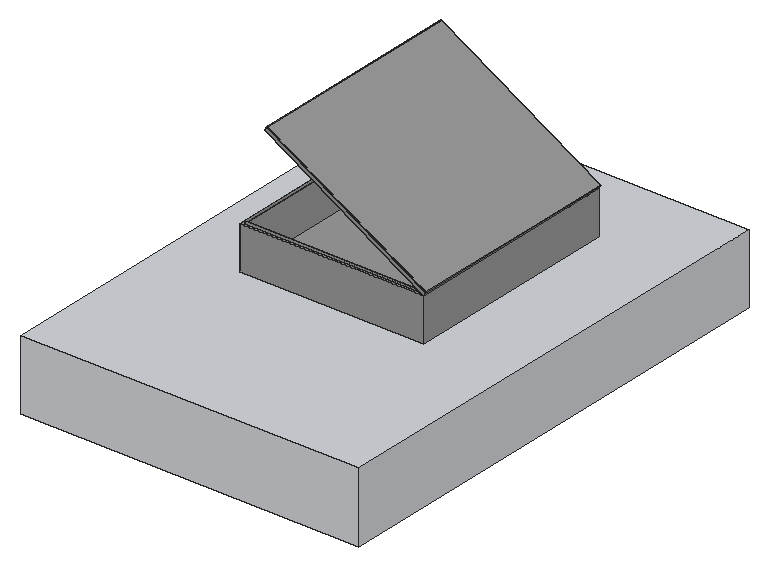
Revit family "Hager-Univers-IP54-D205-H950-Cl.II-Encl-DE-de", category Equipement électrique, Revit 2020
Family settings
  Hôte = Face
  Configuration du panneau = Deux colonnes, circuits au sein
  Cote de connecteur circulaire = Utiliser le diamètre
  Type d'élément = Tableau de raccordement
  Couper avec des vides une fois chargée = Non
  Partagée = Non
  Point de calcul de pièce = Non
Parameters (values of type "Aufputz IP54 B800 H950 T205  - FP63SW2")
  Width Control [instance] = if([EF000008 - Breite] > Min Width, [EF000008 - Breite], Min Width)  # 800 mm
  Commentaires du type = [HG000003 - Bereich]  # "Univers"
  Thickness Door [instance] = if([EF009171 - Materialstärke Tür/Deckel] > 3 mm, 3 mm, [EF009171 - Materialstärke Tür/Deckel])  # 1 mm
  Seal Frame Offset [instance] = 17 mm  # constant formula
  Plinth Visibility [instance] = [HG000027 - Sockelhöhe] > 0 mm  # no
  Model = ""
  Min Width [instance] = 100 mm  # constant formula
  Min Height [instance] = 100 mm  # constant formula
  Min Depth [instance] = (2 * [EF009170 - Materialstärke Gehäuse]) + 1 mm  # 3 mm
  Internal Frame Depth [instance] = (Door System Depth * 0.5)  # 9 mm
  Height Control [instance] = if([EF000040 - Höhe] > Min Height, [EF000040 - Höhe], Min Height)  # 950 mm
  HG000027 - Sockelhöhe = 0 mm
  HG000026 - Stehend auf dem Boden = no
  HG000024 - Höhe des unteren Teils = 800 mm
  HG000023 - Gehäuse mit doppeltem Querschnitt = no
  HG000016 - 3D-Türsichtbarkeit [instance] = yes
  HG000015 - Sichtbarkeit der Türöffnung [instance] = no
  HG000014 - Tür rechts [instance] = yes
  HG000013 - Tür links [instance] = not([HG000014 - Tür rechts])  # no
  HG000012 - Türschwenkwinkel [instance] = 30.00°
  HG000010 - Asymmetrische Türen = no
  HG000009 - Doppelflügeligen Tür = no
  HG000006 - Unterputz = no
  HG000004 - Herstellerreferenz = "FP63SW2"
  HG000003 - Bereich = "Univers"
  HG000002 - Mit tür = yes
  Frame Offset Bottom [instance] = 10 mm  # constant formula
  Frame Offset [instance] = 15 mm  # constant formula
  EF015940 - Deckel mit Überdruckentlastung = no
  EF011959 - Schutzart (NEMA) = ""
  EF009554 - Anzahl der Öffnungen für Flanschplatten = 6
  Fabricant = "Hager"  # constant formula
  EF009212 - Ausführung Deckel = "EV000116 - geschlossen"
  EF009171 - Materialstärke Tür/Deckel = 1 mm
  EF009170 - Materialstärke Gehäuse = 1 mm
  EF008873 - Nennstrom (In) = 250 A
  EF007800 - Geeignet für Blitzschutz = no
  EF006306 - Mit Schloss = no
  EF006244 - Transparenter Deckel/Tür = no
  EF005474 - Schutzart (IP) = "EV006419 - IP54"
  EF004464 - Art der Tür = "EV002646 - Einzel"
  EF004427 - Anzahl der Module = 216
  EF004293 - Schlagfestigkeit = "EV006815 - IK09"
  EF003532 - Geeignet für Außengebrauch = no
  EF002950 - Breite in Teilungseinheiten = 36
  EF001613 - Funktionserhalt = "EV000494 - ohne"
  EF001596 - Werkstoff des Gehäuses = "EV000179 - Stahl"
  EF001131 - Innentiefe = 130 mm
  EF001088 - Anbaumöglichkeit = yes
  EF000437 - Anzahl der Leitungseinführungen = 6
  EF000339 - Art der Abdeckung = "EV004216 - Tür"
  EF000266 - Anzahl der Reihen = 6
  EF000218 - Einbautiefe = 205 mm
  EF000118 - Mit Montageplatte = no
  EF000116 - RAL-Nummer = "9010"
  EF000049 - Tiefe = 205 mm
  EF000040 - Höhe = 950 mm
  EF000008 - Breite = 800 mm
  EF000007 - Farbe = "EV000202 - weiß"
  EF000003 - Montageart = "EV000384 - Aufputz"
  Door System Leaf Tolerance [instance] = 1.5 mm  # constant formula
  Door System Depth [instance] = 18 mm  # constant formula
  Door Height [instance] = Height Control - [HG000027 - Sockelhöhe]  # 950 mm
  Depth Control [instance] = if([EF000049 - Tiefe] > Min Depth, [EF000049 - Tiefe], Min Depth)  # 205 mm
  Default Elevation = 0 mm
  Connector Offset [instance] = Height Control / 2  # 475 mm
  Bottom Top Plate Trim [instance] = 1.5 mm  # constant formula
  Plinth height Ctrl [instance] = if([HG000027 - Sockelhöhe] > 0 mm, [HG000027 - Sockelhöhe], 12 mm)  # 12 mm
Types (5, lengths in mm): name | Width Control | HG000010 - Asymmetrische Türen | HG000009 - Doppelflügeligen Tür | HG000004 - Herstellerreferenz | EF009554 - Anzahl der Öffnungen für Flanschplatten | EF004464 - Art der Tür | EF004427 - Anzahl der Module | EF002950 - Breite in Teilungseinheiten | EF000437 - Anzahl der Leitungseinführungen | EF000008 - Breite
  Aufputz IP54 B1050 H950 T205  - FP64SW2 | 1050 | no | yes | "FP64SW2" | 8 | "EV003602 - Doppel" | 288 | 48 | 8 | 1050
  Aufputz IP54 B1300 H950 T205  - FP65SW2 | 1300 | yes | yes | "FP65SW2" | 10 | "EV003602 - Doppel" | 360 | 60 | 10 | 1300
  Aufputz IP54 B300 H950 T205  - FP61SW2 | 300 | no | no | "FP61SW2" | 2 | "EV002646 - Einzel" | 72 | 12 | 2 | 300
  Aufputz IP54 B550 H950 T205  - FP62SW2 | 550 | no | no | "FP62SW2" | 4 | "EV002646 - Einzel" | 144 | 24 | 4 | 550
  Aufputz IP54 B800 H950 T205  - FP63SW2 | 800 | no | no | "FP63SW2" | 6 | "EV002646 - Einzel" | 216 | 36 | 6 | 800
Reference planes
  plane 1 "Center (Front/Back)": y = 0
  plane 2: z = 0
  plane 3 "Center (Left/Right)": x = 0
  plane 4: z = 205
  plane 5: y = 1
  plane 6: y = 475
  plane 7: y = 0
  plane 8: y = 950
  plane 9: z = 0
  plane 10: x = -385
  plane 11: x = 385
  plane 12: x = 384
  plane 13: x = -384
  plane 14: y = 949
  plane 15: x = -383
  plane 16: x = -400
  plane 17: x = 383
  plane 18: x = 400
  plane 19: x = 399
  plane 20: x = -399
  plane 21: y = 11
  plane 22: y = 950
  plane 23: y = 934
  plane 24: z = 187
  plane 25: z = 1
  plane 26: z = 186
  plane 27: z = 204
Forms (mm)
  Extrusion 1, solid
    sketch origin (0, 0, 0) x (1, 0, 0) y (0, 1, 0)
      loop
        line (-702.964, 1305) -> (-702.964, -811.445) -> (766.763, -811.445) -> (766.763, 1305) -> (-702.964, 1305)
    from 0 to -304.8
  Extrusion 2, solid, material "Hager_Steel_RAL7035_Light_Grey", visible <- "Plinth Visibility", detail levels medium+fine
    sketch origin (0, 0, 0) x (1, 0, 0) y (0, 1, 0)
      loop
        line (-400, 0) -> (400, 0) -> (400, 12) -> (-400, 12) -> (-400, 0)
    from 0 to 187
  Extrusion 3, solid, material "Hager_Steel_RAL7035_Light_Grey", detail levels medium+fine
    sketch origin (0, 0, 0) x (1, 0, 0) y (0, 1, 0)
      loop
        line (-400, 0) -> (400, 0) -> (400, 950) -> (-400, 950) -> (-400, 0)
    from 0 to 187
  Extrusion 4, void
    sketch origin (0, 0, 0) x (1, 0, 0) y (0, 1, 0)
      loop
        line (-399, 1) -> (399, 1) -> (399, 949) -> (-399, 949) -> (-399, 1)
    from 1 to 186
  Extrusion 5, void
    sketch origin (-381.607, -4572, 187) x (0, -1, 0) y (-1, 0, 0)
      loop
        line (-4583, 2.393) -> (-5506, 2.393) -> (-5506, -765.607) -> (-4583, -765.607) -> (-4583, 2.393)
    from 0 to 1 <- "EF009170 - Materialstärke Gehäuse"
  Extrusion 6, solid, material "Hager_Steel_RAL7035_Light_Grey", detail levels fine
    sketch origin (0, 0, 187) x (1, 0, 0) y (0, 1, 0)
      loop
        line (-384, 934) -> (-384, 11) -> (384, 11) -> (384, 934) -> (-384, 934)
      loop
        line (-385, 10) -> (385, 10) -> (385, 935) -> (-385, 935) -> (-385, 10)
    from 0 to 9 <- "Internal Frame Depth"
  Extrusion 7, solid, material "Hager_Steel_RAL7035_Light_Grey", detail levels coarse
    sketch origin (0, 0, 0) x (1, 0, 0) y (0, 1, 0)
      loop
        line (-400, 0) -> (400, 0) -> (400, 950) -> (-400, 950) -> (-400, 0)
    from 0 to 205
  Sweep 8, void
    path in 3D
      loop
        line (-400, 12, 0) -> (400, 12, 0) -> (400, 12, 187) -> (-400, 12, 187) -> (-400, 12, 0)
    profile origin (-400, 12, 93.5) x (-1, 0, 0) y (0, -1, 0)
      loop
        line (0, 0) -> (0, 1.5) -> (-1.5, 1.5)
        arc (-1.5, 1.5) -> (-1.061, 0.439) -> (0, 0) r 1.5
Cuts and joins
  Extrusion 4, Extrusion 5 cuts Extrusion 3
  Sweep 8 cuts Extrusion 2
Lines and regions (mm)
  Masking region 1
    outline origin (0, 0, 0) x (1, 0, 0) y (0, 0, 1)
      loop
        line (-400, 205) -> (-400, 0) -> (400, 0) -> (400, 205) -> (-400, 205)
  Masking region 2, detail levels medium+fine
    outline origin (0, 140, 0) x (0, 1, 0) y (0, 0, 1)
      loop
        line (-140, 0) -> (810, 0) -> (810, 187) -> (-140, 187) -> (-140, 0)
  Masking region 3, not visible, detail levels medium+fine
    outline origin (0, 297.922, 0) x (0, 1, 0) y (0, 0, 1)
      loop
        line (188.578, 0) -> (228.578, 0) -> (228.578, 194)
        arc (228.578, 194) -> (225.649, 201.071) -> (218.578, 204) r 10
        line (218.578, 204) -> (188.578, 204) -> (188.578, 0)
  Masking region 4, detail levels coarse
    outline origin (0, 0, 180) x (0, 1, 0) y (0, 0, 1)
      loop
        line (0, -180) -> (950, -180) -> (950, 25) -> (0, 25) -> (0, -180)
  Masking region 5, visible <- "Plinth Visibility", detail levels medium+fine
    outline origin (0, 52.24, 12.345) x (0, 0, -1) y (0, 1, 0)
      loop
        line (10.845, -40.24) -> (-173.155, -40.24)
        arc (-173.155, -40.24) -> (-173.594, -41.301) -> (-174.655, -41.74) r 1.5
        line (-174.655, -41.74) -> (-174.655, -52.24) -> (12.345, -52.24) -> (12.345, -41.74)
        arc (12.345, -41.74) -> (11.285, -41.301) -> (10.845, -40.24) r 1.5
  Masking region 6, detail levels medium+fine
    outline origin (-381.607, -4572, 187) x (-1, 0, 0) y (0, -1, 0)
      loop
        line (18.393, -5522) -> (18.393, -4572) -> (-781.607, -4572) -> (-781.607, -5522) -> (18.393, -5522)
  Masking region 7, visible <- "Plinth Visibility", detail levels medium+fine
    outline origin (-381.607, -4727, 187) x (-1, 0, 0) y (0, -1, 0)
      loop
        arc (16.893, -4739) -> (17.332, -4737.939) -> (18.393, -4737.5) r 1.5
        line (18.393, -4737.5) -> (18.393, -4727) -> (-781.607, -4727) -> (-781.607, -4737.5)
        arc (-781.607, -4737.5) -> (-780.546, -4737.939) -> (-780.107, -4739) r 1.5
        line (-780.107, -4739) -> (16.893, -4739)
  Masking region 8, detail levels coarse
    outline origin (-442.548, -4669.526, 187) x (-1, 0, 0) y (0, -1, 0)
      loop
        line (-42.548, -5619.526) -> (-42.548, -4669.526) -> (-842.548, -4669.526) -> (-842.548, -5619.526) -> (-42.548, -5619.526)
  sketch lines
    curve 1: line (-400, 12, 187) -> (-400, 12, 0)
    curve 2: line (400, 12, 187) -> (-400, 12, 187)
    curve 3: line (400, 12, 187) -> (400, 12, 0)
    curve 4: line (-400, 12, 0) -> (400, 12, 0)
Dimensions and locks
  "Depth Control": plane 4 to Extrusion 1
  "HG000027 - Sockelhöhe": plane 1 "Center (Front/Back)" to plane 7
  "EF009170 - Materialstärke Gehäuse": plane 5 to plane 7
  locked: connector elem to plane 3 "Center (Left/Right)"
  equal spacing: plane 8, plane 6, plane 7
  locked: connector elem to plane 6
  "EF009170 - Materialstärke Gehäuse": plane 8 to plane 14
  "EF009170 - Materialstärke Gehäuse": plane 10 to plane 13
  "EF009170 - Materialstärke Gehäuse": plane 12 to plane 11
  "Frame Offset": plane 20 to plane 13
  "Frame Offset": plane 12 to plane 19
  "EF009170 - Materialstärke Gehäuse": plane 16 to plane 20
  "EF009170 - Materialstärke Gehäuse": plane 19 to plane 18
  "Seal Frame Offset": plane 16 to plane 15
  "Seal Frame Offset": plane 17 to plane 18
  "Frame Offset Bottom": plane 21 to plane 5
  "Frame Offset": plane 14 to plane 23
  equal spacing: plane 16, plane 3 "Center (Left/Right)", plane 18
  "Width Control": plane 16 to plane 18
  "EF009170 - Materialstärke Gehäuse": plane 4 to plane 27
  "EF009170 - Materialstärke Gehäuse": plane 24 to plane 26
  "EF009170 - Materialstärke Gehäuse": plane 25 to level
  "Door System Depth": plane 4 to plane 24
  "Height Control": plane 1 "Center (Front/Back)" to Extrusion 7 sketch curve
  "Height Control": Masking region 4 sketch curve to plane 1 "Center (Front/Back)"
  "Height Control": plane 1 "Center (Front/Back)" to plane 22
  "Bottom Top Plate Trim": profile plane to Sweep 8 sketch curve
  "Bottom Top Plate Trim": Sweep 8 sketch curve to profile plane
  "Plinth height Ctrl": plane 1 "Center (Front/Back)" to Extrusion 2 sketch curve
  "Plinth height Ctrl": Masking region 5 sketch curve to plane 1 "Center (Front/Back)"
  "Plinth height Ctrl": plane 1 "Center (Front/Back)" to Masking region 7 sketch curve
  "Thickness Door": Extrusion 6 sketch curve to Extrusion 6 sketch curve  (x3)
  "Thickness Door": cut or joined group of Extrusion 3, Extrusion 4, Extrusion 5 to Extrusion 6 sketch curve
  radius of Masking region 3 sketch curve = 10 mm
  "Bottom Top Plate Trim": radius of Masking region 5 sketch curve  (x2)
  "Bottom Top Plate Trim": radius of Sweep 8 sketch curve
  "Bottom Top Plate Trim": radius of Masking region 7 sketch curve  (x2)
  aligned and locked: plane 2 to Extrusion 1
  aligned and locked: level to Extrusion 1
  aligned and locked: level to Masking region 1 sketch curve
  aligned and locked: Masking region 1 sketch curve to plane 18
  aligned and locked: Masking region 1 sketch curve to plane 16
  aligned and locked: plane 7 to Masking region 2 sketch curve
  aligned and locked: level to Masking region 3 sketch curve
  aligned and locked: Masking region 3 sketch curve to plane 27
  aligned and locked: level to Masking region 2 sketch curve
  aligned and locked: plane 1 "Center (Front/Back)" to Extrusion 2 sketch curve
  aligned and locked: Extrusion 3 sketch curve to plane 7
  aligned and locked: plane 16 to Extrusion 3 sketch curve
  aligned and locked: plane 18 to Extrusion 3 sketch curve
  aligned and locked: plane 20 to Extrusion 4 sketch curve
  aligned and locked: plane 19 to Extrusion 4 sketch curve
  aligned and locked: Extrusion 4 sketch curve to plane 5
  aligned and locked: Extrusion 4 to plane 25
  aligned and locked: plane 26 to Extrusion 4
  aligned and locked: plane 24 to Extrusion 3
  aligned and locked: Extrusion 5 sketch curve to plane 21
  aligned and locked: Extrusion 5 sketch curve to plane 13
  aligned and locked: Extrusion 5 sketch curve to plane 12
  aligned and locked: plane 18 to Extrusion 7 sketch curve
  aligned and locked: plane 1 "Center (Front/Back)" to Extrusion 7 sketch curve
  aligned and locked: plane 16 to Extrusion 7 sketch curve
  aligned and locked: plane 4 to Extrusion 7
  aligned and locked: Extrusion 7 to level
  aligned and locked: level to Masking region 4 sketch curve
  aligned and locked: Masking region 4 sketch curve to plane 1 "Center (Front/Back)"
  aligned and locked: Masking region 4 sketch curve to plane 4
  aligned and locked: nested 1 to level
  aligned and locked: nested 1 to plane 16
  aligned and locked: plane 8 to Extrusion 3 sketch curve
  aligned and locked: plane 23 to Extrusion 5 sketch curve
  aligned and locked: plane 14 to Extrusion 4 sketch curve
  aligned and locked: Masking region 2 sketch curve to plane 8
  aligned and locked: level to Masking region 5 sketch curve
  aligned and locked: plane 16 to Extrusion 2 sketch curve
  aligned and locked: plane 18 to Extrusion 2 sketch curve
  aligned and locked: Masking region 5 sketch curve to plane 24
  aligned and locked: Masking region 2 sketch curve to plane 24
  aligned and locked: plane 24 to Extrusion 2
  aligned and locked: profile plane to Sweep 8 sketch curve  (x2)
  aligned and locked: Masking region 6 sketch curve to plane 18
  aligned and locked: Masking region 6 sketch curve to plane 22
  aligned and locked: Masking region 6 sketch curve to plane 16
  aligned and locked: plane 8 to plane 22
  aligned and locked: Masking region 6 sketch curve to plane 7
  aligned and locked: Masking region 7 sketch curve to plane 16
  aligned and locked: Masking region 7 sketch curve to plane 1 "Center (Front/Back)"
  aligned and locked: Masking region 7 sketch curve to plane 18
  aligned and locked: Masking region 8 sketch curve to plane 1 "Center (Front/Back)"
  aligned and locked: Masking region 8 sketch curve to plane 18
  aligned and locked: Masking region 8 sketch curve to plane 22
  aligned and locked: Masking region 8 sketch curve to plane 16
  aligned and locked: nested 2 to plane 7
  aligned and locked: plane 3 "Center (Left/Right)" to nested 2
  aligned and locked: nested 2 to plane 24
  aligned and locked: Extrusion 6 sketch curve to cut or joined group of Extrusion 3, Extrusion 4, Extrusion 5  (x4)
Automatic sketch dimensions
  Extrusion 1 sketch curve to Extrusion 1 sketch curve = 1469.727 mm
  Extrusion 1 sketch curve to Extrusion 1 sketch curve = 2116.445 mm
  Masking region 1 sketch curve to plane 4 = 0 mm
  plane 6 to Masking region 3 sketch curve = 11.5 mm
  Masking region 3 sketch curve to Masking region 3 sketch curve = 30 mm
  Masking region 5 sketch curve to plane 1 "Center (Front/Back)" = 0 mm
Nested families
  nested 1: "Hager_Enclosure_Symbol" at (-400, 0, 0) x (1, 0, 0) z (0, -1, 0), Height <- "Depth Control", Width <- "Width Control", type "Hager_Enclosure_Symbol"
    with Width_Ctrl 800 mm, Width 800 mm, Height_Ctrl 205 mm, Height 205 mm, A_Width_Int 13.453 mm, A_Width 161.438 mm, A_Height_Ctrl 179.375 mm, A_Height 179.375 mm
  nested 2: "EC000058_Univers_Door" at (0, 0, 187) x (1, 0, 0) z (0, 1, 0), Leaf_Tolerance <- "Door System Leaf Tolerance", Angle <- "HG000012 - Türschwenkwinkel", Door_Depth <- "Door System Depth", Door_Left <- "HG000013 - Tür links", Transparent <- "EF006244 - Transparenter Deckel/Tür", Assymetrical <- "HG000010 - Asymmetrische Türen", Width <- "Width Control", Clearance <- "HG000015 - Sichtbarkeit der Türöffnung", Double <- "HG000009 - Doppelflügeligen Tür", 3d_Door <- "HG000016 - 3D-Türsichtbarkeit", Lock_Visibility <- "EF006306 - Mit Schloss", Width_Ctrl <- "Width Control", Door_Right <- "HG000014 - Tür rechts", Door <- "HG000002 - Mit tür", Height <- "Door Height", Thickness <- "Thickness Door", type "EC000058_Univers_Door", detail levels medium+fine
    with min_wh 3 mm, Width_Ctrl 800 mm, Width 800 mm, Transparent no, Thickness 1 mm, Seal_Material Hager_Rubber, Lock_Visibility no, Lock_Material Hager_Plastic_RAL9005_Jet_Black, Leaf_Width 800 mm, Leaf_Tolerance_External_Sides 0 mm, Leaf_Tolerance 1.5 mm, Leaf_Offset 0 mm, Leaf_Height 947 mm, Leaf_2_Width 800 mm, Leaf_2_Offset 400 mm, Leaf_1_Width 800 mm, Leaf_1_Offset 400 mm, Height_Ctrl 950 mm, Height 950 mm, Glass_Material Hager_Glass, Double_Clearance_Ctrl no, Double no, Door_Right_Ctrl yes, Door_Right yes, Door_Material Hager_Steel_RAL7035_Light_Grey, Door_Left_Ctrl no, Door_Left no, Door_Depth 18 mm, Door yes, Clearance_Material Hager_Clearance, Clearance_Depth 800 mm, Clearance_Ctrl no, Clearance no, Assymetrical no, Angle 30.00°, 3d_Door yes
Connectors
  electrical at (0, 475, 0)
    settings: on plane 9, index 1, voltage 0 V, apparent load 0 VA, apparent load phase1 0 VA, apparent load phase2 0 VA, apparent load phase3 0 VA, power factor 1, load classification "Other", number of poles 1, system type 30, power factor state 1, is connector primary yes, connector utility no, sub classification motor no, connector description ""
Definition of nested family "EC000058_Univers_Door"
  Parameters (values of type "EC000058_Univers_Door")
    min_wh [instance] = (2 * Thickness) + 1 mm  # 11 mm
    Width_Ctrl [instance] = 400 mm
    Width [instance] = 500 mm
    Transparent [instance] = yes
    Thickness [instance] = 5 mm
    Seal_Material [instance] = none
    Lock_Visibility [instance] = yes
    Lock_Material [instance] = none
    Leaf_Width [instance] = if((Width_Ctrl - 2 * Leaf_Tolerance_External_Sides) > 0 mm, (Width_Ctrl - 2 * Leaf_Tolerance_External_Sides), min_wh)  # 400 mm
    Leaf_Tolerance_External_Sides [instance] = 0 mm  # constant formula
    Leaf_Tolerance [instance] = 1.5 mm
    Leaf_Offset [instance] = 0 mm  # constant formula
    Leaf_Height [instance] = if((Height_Ctrl - 2 * Leaf_Tolerance) > 0 mm, (Height_Ctrl - 2 * Leaf_Tolerance), min_wh)  # 497 mm
    Leaf_2_Width [instance] = if(and(and(Double, Assymetrical), Door_Left), (Leaf_Width / 3) - (Leaf_Tolerance / 2), if(and(and(Double, Assymetrical), Door_Right), (Leaf_Width / 3) * 2 - (Leaf_Tolerance / 2), if(and(Double, not(Assymetrical)), (Leaf_Width / 2) - Leaf_Tolerance, Leaf_Width)))  # 400 mm
    Leaf_2_Offset [instance] = if(and(Double, Assymetrical), Leaf_2_Width / 2, if(and(Double, not(Assymetrical)), Leaf_Width / 4, Leaf_Width / 2))  # 200 mm
    Leaf_1_Width [instance] = if(and(and(Double, Assymetrical), Door_Right), (Leaf_Width / 3) - (Leaf_Tolerance / 2), if(and(and(Double, Assymetrical), Door_Left), (Width / 3) * 2 - (Leaf_Tolerance / 2), if(and(Double, not(Assymetrical)), (Leaf_Width / 2) - Leaf_Tolerance, Leaf_Width)))  # 400 mm
    Leaf_1_Offset [instance] = if(and(Double, Assymetrical), Leaf_1_Width / 2, if(and(Double, not(Assymetrical)), Leaf_Width / 4, Leaf_Width / 2))  # 200 mm
    Height_Ctrl [instance] = if(Height > min_wh, Height, min_wh)  # 500 mm
    Height [instance] = 500 mm
    Glass_Material [instance] = none
    Double_Clearance_Ctrl [instance] = and(Double, Clearance)  # no
    Double [instance] = no
    Door_Right_Ctrl [instance] = and(or(Door_Right, Double), Door)  # yes
    Door_Right [instance] = yes
    Door_Material [instance] = none
    Door_Left_Ctrl [instance] = and(or(Door_Left, Double), Door)  # no
    Door_Left [instance] = no
    Door_Depth [instance] = 30 mm
    Door [instance] = yes
    Default Elevation = 1219.2 mm
    Clearance_Material [instance] = none
    Clearance_Depth [instance] = if(Leaf_1_Width > Leaf_2_Width, Leaf_1_Width, Leaf_2_Width)  # 400 mm
    Clearance_Ctrl [instance] = and(not(Double), Clearance)  # yes
    Clearance [instance] = yes
    Assymetrical [instance] = yes
    Angle [instance] = 30.00°
    3d_Door [instance] = yes
  Reference planes
    plane 1 "Center (Front/Back)": y = 0
    plane 2 "Bottom": z = 0
    plane 3 "Center (Left/Right)": x = 0
    plane 4: z = 500
    plane 5: x = -200
    plane 6: x = 200
    plane 7: z = 500
    plane 8: x = -200
    plane 9: z = 0
    plane 10: x = 200
    plane 11: y = 0
    plane 12: z = 1.5
    plane 13: x = -600
    plane 14: y = -400
    plane 15: x = 600
    plane 16: x = 0
    plane 17: x = 0
    plane 18: x = -200
    plane 19: x = 200
    plane 20: z = 498.5
  Forms (mm)
    Extrusion 1, solid, material <- "Clearance_Material", visible <- "Double_Clearance_Ctrl"
      sketch origin (1200, 0, 0) x (1, 0, 0) y (0, 0, -1)
        loop
          line (-1800, -498.5) -> (-600, -498.5) -> (-600, 0) -> (-1800, 0) -> (-1800, -498.5)
      from 0 to -400
  Dimensions and locks
    equal spacing: plane 5, plane 3 "Center (Left/Right)", plane 6
    "Width_Ctrl": plane 5 to plane 6
    "Leaf_Offset": plane 5 to plane 8
    "Leaf_Offset": plane 6 to plane 10
    "Leaf_Offset": plane 9 to level
    "Leaf_Offset": plane 4 to plane 7
    "Height_Ctrl": plane 4 to level
    "Leaf_Tolerance": plane 12 to plane 9
    locked: plane 11 to plane 1 "Center (Front/Back)"
    "Leaf_1_Offset": plane 18 to plane 16
    "Leaf_2_Offset": plane 17 to plane 19
    "Leaf_1_Width": plane 13 to plane 8
    "Leaf_2_Width": plane 10 to plane 15
    "Clearance_Depth": plane 14 to plane 1 "Center (Front/Back)"
    "Leaf_Tolerance_External_Sides": plane 8 to plane 18
    "Leaf_Tolerance_External_Sides": plane 19 to plane 10
    "Leaf_Tolerance": plane 7 to plane 20
    aligned and locked: level to plane 2 "Bottom"
    aligned and locked: nested 1 to plane 16
    aligned and locked: nested 2 to plane 17
    aligned and locked: Extrusion 1 to plane 13
    aligned and locked: plane 15 to Extrusion 1
    aligned and locked: Extrusion 1 to plane 14
    aligned and locked: plane 12 to nested 1
    aligned and locked: nested 2 to plane 12
    aligned and locked: Extrusion 1 to plane 11
    aligned and locked: plane 20 to Extrusion 1
    aligned and locked: nested 2 to plane 11
    aligned and locked: nested 1 to plane 11
  Automatic sketch dimensions
    Extrusion 1 sketch curve to level = 0 mm
    plane 5 to Extrusion 1 sketch curve = 400 mm
    plane 6 to Extrusion 1 sketch curve = 400 mm
    Extrusion 1 sketch curve to plane 4 = 1.5 mm
  Nested families
    nested 1: "EC000058_Univers_Door_Leaf" at (0, 0, 1.5), Width <- "Leaf_1_Width", visible <- "Door_Left_Ctrl", Leaf_Height <- "Leaf_Height", Angle <- "Angle", 3d_Door <- "3d_Door", Transparent <- "Transparent", Clearance Material <- "Clearance_Material", Clearance <- "Clearance_Ctrl", Door_Material <- "Door_Material", Glass_Material <- "Glass_Material", Door_Depth <- "Door_Depth", Lock_Material <- "Lock_Material", Seal_Material <- "Seal_Material", Lock_Visibility <- "Lock_Visibility", Thickness <- "Thickness", type "EC000058_Univers_Door_Leaf"
      with Width 400 mm, Transparent_Glass_Offset 30 mm, Transparent_Ctrl yes, Transparent yes, Thickness 5 mm, Standard no, Seal_Material none, Seal_D2 8 mm, Seal_D1 1 mm, Offset_Internal_Frame 10 mm, Lock_Width 20 mm, Lock_Visibility_3d yes, Lock_Visibility yes, Lock_Thickness_3 3 mm, Lock_Thickness_2 1 mm, Lock_Thickness_1 3 mm, Lock_Radius_Offset_2 16 mm, Lock_Radius_Offset_1 15 mm, Lock_Radius_2 5 mm, Lock_Radius 6 mm, Lock_Offset 5 mm, Lock_Material none, Lock_Height 80 mm, Lock_Cover_Top_Offset_2d 17 mm, Lock_Cover_Height -65 mm, Leaf_Height 497 mm, Internal_Seal_Thickness 8 mm, Internal_Seal_Depth_2 4.5 mm, Internal_Frame_Depth 25 mm, Glass_Thickness -1 mm, Glass_Offset -2 mm, Glass_Material none, Door_Material none, Door_Depth 30 mm, Clearance Material none, Clearance yes, Angle_Ctrl 30.00°, Angle 30.00°, 3d_Door yes
    nested 2: "EC000058_Univers_Door_Leaf" at (0, 0, 1.5) x (-1, 0, 0) z (0, 0, 1), Width <- "Leaf_2_Width", visible <- "Door_Right_Ctrl", Leaf_Height <- "Leaf_Height", Angle <- "Angle", 3d_Door <- "3d_Door", Transparent <- "Transparent", Clearance Material <- "Clearance_Material", Clearance <- "Clearance_Ctrl", Door_Material <- "Door_Material", Glass_Material <- "Glass_Material", Door_Depth <- "Door_Depth", Lock_Material <- "Lock_Material", Seal_Material <- "Seal_Material", Lock_Visibility <- "Lock_Visibility", Thickness <- "Thickness", type "EC000058_Univers_Door_Leaf"
      with Width 400 mm, Transparent_Glass_Offset 30 mm, Transparent_Ctrl yes, Transparent yes, Thickness 5 mm, Standard no, Seal_Material none, Seal_D2 8 mm, Seal_D1 1 mm, Offset_Internal_Frame 10 mm, Lock_Width 20 mm, Lock_Visibility_3d yes, Lock_Visibility yes, Lock_Thickness_3 3 mm, Lock_Thickness_2 1 mm, Lock_Thickness_1 3 mm, Lock_Radius_Offset_2 16 mm, Lock_Radius_Offset_1 15 mm, Lock_Radius_2 5 mm, Lock_Radius 6 mm, Lock_Offset 5 mm, Lock_Material none, Lock_Height 80 mm, Lock_Cover_Top_Offset_2d 17 mm, Lock_Cover_Height -65 mm, Leaf_Height 497 mm, Internal_Seal_Thickness 8 mm, Internal_Seal_Depth_2 4.5 mm, Internal_Frame_Depth 25 mm, Glass_Thickness -1 mm, Glass_Offset -2 mm, Glass_Material none, Door_Material none, Door_Depth 30 mm, Clearance Material none, Clearance yes, Angle_Ctrl 30.00°, Angle 30.00°, 3d_Door yes
  Definition of nested family "EC000058_Univers_Door_Leaf"
    Parameters (values of type "EC000058_Univers_Door_Leaf")
      Width [instance] = 2000 mm
      Transparent_Glass_Offset [instance] = 30 mm
      Transparent_Ctrl [instance] = and(Transparent, [3d_Door])  # yes
      Transparent [instance] = yes
      Thickness [instance] = 5 mm
      Standard [instance] = and(not(Transparent), [3d_Door])  # no
      Seal_Material [instance] = none
      Seal_D2 [instance] = 8 mm  # constant formula
      Seal_D1 [instance] = 1 mm  # constant formula
      Offset_Internal_Frame [instance] = 10 mm  # constant formula
      Lock_Width [instance] = 20 mm  # constant formula
      Lock_Visibility_3d [instance] = and(Lock_Visibility, [3d_Door])  # yes
      Lock_Visibility [instance] = yes
      Lock_Thickness_3 [instance] = 3 mm  # constant formula
      Lock_Thickness_2 [instance] = 1 mm  # constant formula
      Lock_Thickness_1 [instance] = 3 mm  # constant formula
      Lock_Radius_Offset_2 [instance] = Lock_Radius_Offset_1 + 1 mm  # 16 mm
      Lock_Radius_Offset_1 [instance] = 15 mm  # constant formula
      Lock_Radius_2 [instance] = Lock_Radius - 1 mm  # 5 mm
      Lock_Radius [instance] = 6 mm  # constant formula
      Lock_Offset [instance] = 5 mm  # constant formula
      Lock_Material [instance] = none
      Lock_Height [instance] = 80 mm  # constant formula
      Lock_Cover_Top_Offset_2d [instance] = Lock_Radius_Offset_2 + 1 mm  # 17 mm
      Lock_Cover_Height [instance] = -(Lock_Height - Lock_Radius_Offset_1)  # -65 mm
      Leaf_Height [instance] = 2720.336 mm
      Internal_Seal_Thickness [instance] = 8 mm  # constant formula
      Internal_Seal_Depth_2 [instance] = 4.5 mm  # constant formula
      Internal_Frame_Depth [instance] = if(Door_Depth - Thickness > 5 mm, Door_Depth - Thickness, 5 mm)  # 25 mm
      Glass_Thickness [instance] = if(Thickness > 15 mm, Glass_Offset + 10 mm, -1 mm)  # -1 mm
      Glass_Offset [instance] = if(Thickness > 15 mm, -(Thickness + 10 mm) / 2, -2 mm)  # -2 mm
      Glass_Material [instance] = none
      Door_Material [instance] = none
      Door_Depth [instance] = 30 mm
      Default Elevation = 0 mm
      Clearance Material [instance] = none
      Clearance [instance] = yes
      Angle_Ctrl [instance] = if(Angle > 180.00°, 180.00°, Angle)  # 90.00°
      Angle [instance] = 90.00°
      3d_Door [instance] = yes
    Reference planes
      plane 1 "Center (Front/Back)": y = 0
      plane 2: z = 0
      plane 3 "Center (Left/Right)": x = 0
      plane 4: y = 2000
      plane 5: x = -1000
      plane 6: x = 1000
      plane 7: x = -3000
      plane 8: z = 2720.336
      plane 9: z = 30
      plane 10: z = 2690.336
      plane 11: x = 970
      plane 12: x = -970
      plane 13: y = -3
      plane 14: z = 107.833
      plane 15: y = -5
      plane 16: y = -223.314
      plane 17: x = -1000
      plane 18: z = 1360.168
      plane 19: y = 30
    Forms (mm)
      Extrusion 1, solid, material <- "Clearance Material", visible <- "Clearance"
        sketch origin (0, 0, 0) x (1, 0, 0) y (0, 0, 1)
          loop
            line (-3000, 2720.336) -> (-3000, 0) -> (1000, 0) -> (1000, 2720.336) -> (-3000, 2720.336)
        from 0 to -2000
      Extrusion 2, solid, material <- "Door_Material", visible <- "Standard", detail levels medium+fine
        sketch origin (-1000, 0, 0) x (0, 1, 0) y (-1, 0, 0)
          loop
            line (0, 30) -> (0, 25) -> (2000, 25) -> (2000, 30) -> (0, 30)
        from 0 to 2720.336 <- "Leaf_Height"
      Extrusion 3, solid, material <- "Door_Material", visible <- "Transparent_Ctrl", detail levels medium+fine
        sketch origin (-1000, 0, 0) x (0, 1, 0) y (-1, 0, 0)
          loop
            line (0, 25) -> (2000, 25) -> (2000, 30) -> (0, 30) -> (0, 25)
        from 0 to 2720.336 <- "Leaf_Height"
      Extrusion 4, void
        sketch origin (-1025, 2000, 0) x (0, 1, 0) y (0, 0, -1)
          loop
            line (-30, -2690.336) -> (-30, -30) -> (-1970, -30) -> (-1970, -2690.336) -> (-30, -2690.336)
        from 0 to 5 <- "Thickness"
      Sweep 5, solid, material <- "Seal_Material", visible <- "Transparent_Ctrl", detail levels fine
        path in 3D
          loop
            line (-1025, 30, 30) -> (-1025, 30, 2690.336) -> (-1025, 1970, 2690.336) -> (-1025, 1970, 30) -> (-1025, 30, 30)
        profile origin (-1025, 1000, 30) x (1, 0, 0) y (0, 0, 1)
          loop
            line (0, 0) -> (0, -8) -> (1, -8) -> (1, 0) -> (0, 0)
      Extrusion 6, solid, material <- "Glass_Material", visible <- "Transparent_Ctrl", detail levels medium+fine
        sketch origin (-1030, 0, 0) x (0, 1, 0) y (0, 0, -1)
          loop
            line (1970, -2690.336) -> (1970, -30) -> (30, -30) -> (30, -2690.336) -> (1970, -2690.336)
        from -2 <- "Glass_Offset" to -1 <- "Glass_Thickness"
      Extrusion 7, solid, material <- "Door_Material", visible <- "3d_Door", detail levels medium+fine
        sketch origin (-1025, 2000, 0) x (0, -1, 0) y (0, 0, -1)
          loop
            line (0, -2720.336) -> (2000, -2720.336) -> (2000, 0) -> (0, 0) -> (0, -2720.336)
          loop
            line (1995, -5) -> (5, -5) -> (5, -2715.336) -> (1995, -2715.336) -> (1995, -5)
        from 0 to 25 <- "Internal_Frame_Depth"
      Sweep 8, solid, material <- "Seal_Material", visible <- "Transparent_Ctrl", detail levels fine
        path in 3D
          loop
            line (-1025, 0, 0) -> (-1025, 2000, 0) -> (-1025, 2000, 2720.336) -> (-1025, 0, 2720.336) -> (-1025, 0, 0)
        profile origin (-1025, 0, 1360.168) x (1, 0, 0) y (0, 1, 0)
          loop
            line (0, 10) -> (2.975, 10)
            arc (2.975, 10) -> (4.053, 10.447) -> (4.5, 11.525) r 1.525
            line (4.5, 11.525) -> (4.5, 16.527)
            arc (4.5, 16.527) -> (4.069, 17.569) -> (3.027, 18) r 1.473
            line (3.027, 18) -> (0, 18) -> (0, 10)
      Extrusion 9, solid, material <- "Lock_Material", visible <- "Lock_Visibility_3d", detail levels fine
        sketch origin (-1030, 0, 0) x (0, 1, 0) y (0, 0, -1)
          loop
            arc (1993.5, -1400.168) -> (1994.561, -1399.729) -> (1995, -1398.668) r 1.5
            line (1995, -1398.668) -> (1995, -1320.168) -> (1975, -1320.168) -> (1975, -1398.668)
            arc (1975, -1398.668) -> (1975.439, -1399.729) -> (1976.5, -1400.168) r 1.5
            line (1976.5, -1400.168) -> (1993.5, -1400.168)
        from 3 <- "Lock_Thickness_1" to 0
      Blend 10, solid, material <- "Lock_Material", visible <- "Lock_Visibility_3d", detail levels fine
        base sketch origin (-1033, 0, 0) x (0, 1, 0) y (0, 0, -1)
          loop
            line (1975, -1320.168) -> (1975, -1398.668)
            arc (1975, -1398.668) -> (1975.439, -1399.729) -> (1976.5, -1400.168) r 1.5
            line (1976.5, -1400.168) -> (1993.5, -1400.168)
            arc (1993.5, -1400.168) -> (1994.561, -1399.729) -> (1995, -1398.668) r 1.5
            line (1995, -1398.668) -> (1995, -1320.168) -> (1975, -1320.168)
        top sketch origin (-1033, 0, 0) x (0, 1, 0) y (0, 0, -1)
          loop
            line (1976, -1320.168) -> (1976, -1398.668)
            arc (1976, -1398.668) -> (1976.146, -1399.022) -> (1976.5, -1399.168) r 0.5
            line (1976.5, -1399.168) -> (1993.5, -1399.168)
            arc (1993.5, -1399.168) -> (1993.854, -1399.022) -> (1994, -1398.668) r 0.5
            line (1994, -1398.668) -> (1994, -1320.168) -> (1976, -1320.168)
        from 0 to 1 <- "Lock_Thickness_2"
      Blend 11, solid, material <- "Lock_Material", visible <- "Lock_Visibility_3d", detail levels fine
        base sketch origin (-1034, 0, 0) x (0, 1, 0) y (0, 0, -1)
          loop
            line (1978, -1320.168) -> (1978, -1384.168)
            arc (1978, -1384.168) -> (1985, -1391.168) -> (1992, -1384.168) r 7
            line (1992, -1384.168) -> (1992, -1320.168) -> (1978, -1320.168)
        top sketch origin (-1034, 0, 0) x (0, 1, 0) y (0, 0, -1)
          loop
            line (1991, -1320.168) -> (1979, -1320.168) -> (1979, -1383.168)
            arc (1979, -1383.168) -> (1985, -1389.168) -> (1991, -1383.168) r 6
            line (1991, -1383.168) -> (1991, -1320.168)
        from 0 to 3 <- "Lock_Thickness_3"
      Extrusion 12, solid, material <- "Lock_Material", visible <- "Lock_Visibility_3d", detail levels fine
        sketch origin (-1030, 1975, 1320.168) x (1, 0, 0) y (0, -1, 0)
          loop
            line (-7, -19) -> (-7, -1) -> (0, -1) -> (0, 0) -> (-8, 0) -> (-8, -20) -> (0, -20) -> (0, -19) -> (-7, -19)
        from 0 to -65 <- "Lock_Cover_Height"
      Extrusion 13, void
        sketch origin (-1038, 1995, 1320.168) x (-1, 0, 0) y (0, 0, -1)
          loop
            line (-5, -65) -> (0, -65) -> (-5, -60) -> (-5, -65)
        from 0 to 20 <- "Lock_Width"
      Extrusion 14, void
        sketch origin (-1038, 1975, 1320.168) x (0, -1, 0) y (0, 0, -1)
          loop
            circle (-10, -15.995) r 6
          loop
            circle (-10, -15.995) r 5
        from 0 to 2
      Extrusion 15, solid, material <- "Lock_Material", visible <- "Lock_Visibility_3d", detail levels medium
        sketch origin (-1030, 0, 0) x (0, 1, 0) y (0, 0, -1)
          loop
            arc (1993.5, -1400.168) -> (1994.561, -1399.729) -> (1995, -1398.668) r 1.5
            line (1995, -1398.668) -> (1995, -1320.168) -> (1975, -1320.168) -> (1975, -1398.668)
            arc (1975, -1398.668) -> (1975.439, -1399.729) -> (1976.5, -1400.168) r 1.5
            line (1976.5, -1400.168) -> (1993.5, -1400.168)
        from 8 to 0
    Cuts and joins
      Extrusion 4 cuts Extrusion 3
      Extrusion 13, Extrusion 14 cuts Extrusion 9
      Extrusion 14 cuts Blend 11
      Extrusion 13, Extrusion 14 cuts Extrusion 12
      joined: Extrusion 9, Blend 10, Blend 11, Extrusion 12
      Extrusion 14 cuts Extrusion 15
    Lines and regions (mm)
      Masking region 1, visible <- "Lock_Visibility", detail levels fine
        outline origin (0, 0, 0) x (0, 1, 0) y (0, 0, 1)
          loop
            line (30, 1320.168) -> (33, 1320.168) -> (33, 1400.168) -> (30, 1400.168) -> (30, 1320.168)
      Masking region 2, visible <- "Lock_Visibility", detail levels fine
        outline origin (0, 3.143, 0) x (0, 1, 0) y (0, 0, 1)
          loop
            line (29.857, 1354.168) -> (30.857, 1354.168) -> (30.857, 1366.168) -> (29.857, 1366.168) -> (29.857, 1354.168)
      Masking region 3, detail levels medium+fine
        outline origin (0, 0, 0) x (0, 1, 0) y (0, 0, 1)
          loop
            line (0, 0) -> (30, 0) -> (30, 2720.336) -> (0, 2720.336) -> (0, 0)
      Masking region 4, detail levels medium+fine
        outline origin (0, 0, 0) x (1, 0, 0) y (0, 0, 1)
          loop
            line (-1000, 2720.336) -> (-1000, 0) -> (1000, 0) -> (1000, 2720.336) -> (-1000, 2720.336)
      Masking region 5, visible <- "Lock_Visibility", detail levels fine
        outline origin (-47.116, 0, 0) x (1, 0, 0) y (0, 0, 1)
          loop
            arc (1024.616, 1399.168) -> (1023.556, 1398.729) -> (1023.116, 1397.668) r 1.5
            line (1023.116, 1397.668) -> (1023.116, 1320.168) -> (1041.116, 1320.168) -> (1041.116, 1397.668)
            arc (1041.116, 1397.668) -> (1040.677, 1398.729) -> (1039.616, 1399.168) r 1.5
            line (1039.616, 1399.168) -> (1024.616, 1399.168)
      Masking region 6, visible <- "Lock_Visibility", detail levels medium+fine
        outline origin (-25, 0, 0) x (1, 0, 0) y (0, 0, 1)
          loop
            arc (1001.5, 1400.168) -> (1000.439, 1399.729) -> (1000, 1398.668) r 1.5
            line (1000, 1398.668) -> (1000, 1320.168) -> (1020, 1320.168) -> (1020, 1398.668)
            arc (1020, 1398.668) -> (1019.561, 1399.729) -> (1018.5, 1400.168) r 1.5
            line (1018.5, 1400.168) -> (1001.5, 1400.168)
      Masking region 7, visible <- "Lock_Visibility", detail levels fine
        outline origin (-73.735, 0, 0) x (1, 0, 0) y (0, 0, 1)
          loop
            line (1051.735, 1382.168) -> (1065.735, 1382.168) -> (1065.735, 1384.168)
            arc (1065.735, 1384.168) -> (1058.735, 1391.168) -> (1051.735, 1384.168) r 7
            line (1051.735, 1384.168) -> (1051.735, 1382.168)
      Masking region 8, visible <- "Lock_Visibility", detail levels fine
        outline origin (-73.735, 0, 0) x (1, 0, 0) y (0, 0, 1)
          loop
            line (1052.735, 1382.168) -> (1064.735, 1382.168) -> (1064.735, 1383.168)
            arc (1064.735, 1383.168) -> (1058.735, 1389.168) -> (1052.735, 1383.168) r 6
            line (1052.735, 1383.168) -> (1052.735, 1382.168)
      Masking region 9, visible <- "Lock_Visibility", detail levels fine
        outline origin (-25, 0, 0) x (1, 0, 0) y (0, 0, 1)
          loop
            line (1020, 1320.168) -> (1020, 1382.168) -> (1000, 1382.168) -> (1000, 1320.168) -> (1020, 1320.168)
      Masking region 10, detail levels medium+fine
        outline origin (0, 0, 0) x (1, 0, 0) y (0, 0, 1)
          loop
            circle (985, 1335.144) r 6
      Masking region 11, detail levels fine
        outline origin (0, 0, 0) x (1, 0, 0) y (0, 0, 1)
          loop
            circle (985, 1335.144) r 5
      Masking region 12, visible <- "Lock_Visibility", detail levels fine
        outline origin (0, 12.767, 0) x (0, 1, 0) y (0, 0, 1)
          loop
            line (20.233, 1320.168) -> (21.233, 1320.168) -> (21.233, 1399.168) -> (20.233, 1400.168) -> (20.233, 1320.168)
      Masking region 13, visible <- "Lock_Visibility", detail levels fine
        outline origin (0, 13.767, -10) x (0, 1, 0) y (0, 0, 1)
          loop
            line (20.233, 1330.168) -> (23.233, 1330.168) -> (23.233, 1399.168) -> (20.233, 1402.168) -> (20.233, 1330.168)
      Masking region 14, visible <- "Lock_Visibility", detail levels fine
        outline origin (0, 12.767, -10) x (0, 1, 0) y (0, 0, 1)
          loop
            line (20.233, 1330.168) -> (25.233, 1330.168) -> (25.233, 1399.305) -> (20.233, 1394.305) -> (20.233, 1330.168)
      Masking region 15, visible <- "Lock_Visibility", detail levels medium
        outline origin (0, 0, 0) x (0, 1, 0) y (0, 0, 1)
          loop
            line (30, 1320.168) -> (38, 1320.168) -> (38, 1400.168) -> (30, 1400.168) -> (30, 1320.168)
      Masking region 16, visible <- "Lock_Visibility", detail levels fine
        outline origin (-1000, 0, 0) x (0, 1, 0) y (-1, 0, 0)
          loop
            line (1975, 30) -> (1995, 30) -> (1995, 38) -> (1975, 38) -> (1975, 30)
          loop
            line (1979, 37) -> (1976, 37) -> (1976, 34) -> (1978, 34) -> (1979, 37)
          loop
            line (1994, 37) -> (1991, 37) -> (1992, 34) -> (1994, 34) -> (1994, 37)
      Masking region 17, visible <- "Lock_Visibility", detail levels medium
        outline origin (-1000, 0, 0) x (0, 1, 0) y (-1, 0, 0)
          loop
            line (1975, 30) -> (1995, 30) -> (1995, 38) -> (1975, 38) -> (1975, 30)
      symbolic lines
        curve 1: line (1000, 0, 0) -> (-3000, 0, 0)
        curve 2: arc (1000, 0, 0) -> (-1000, 2000, 0) -> (-3000, 0, 0) r 2000
        curve 4: line (-1030, 0, 0) -> (-1030, 2000, 0)
      reference lines
        curve 3: line (-1000, 0, 0) -> (-1000, 2000, 0)
      symbolic lines, detail levels medium+fine
        curve 5: line (-1030, 2000, 0) -> (-1025, 2000, 0)
        curve 7: line (-1025, 0, 0) -> (-1030, 0, 0)
        curve 8: line (-1025, 0, 0) -> (-1000, 0, 0)
        curve 9: line (-1000, 0, 0) -> (-1000, 2000, 0)
        curve 10: line (-1000, 2000, 0) -> (-1025, 2000, 0)
      symbolic lines, detail levels fine
        curve 6: line (-1025, 2000, 0) -> (-1025, 0, 0)
      sketch lines
        curve 11: line (-1025, 0, 2720.336) -> (-1025, 0, 0)
        curve 12: line (-1025, 2000, 0) -> (-1025, 0, 0)
        curve 13: line (-1025, 2000, 2720.336) -> (-1025, 2000, 0)
        curve 14: line (-1025, 0, 2720.336) -> (-1025, 2000, 2720.336)
        curve 15: line (-1025, 1970, 30) -> (-1025, 30, 30)
        curve 16: line (-1025, 30, 30) -> (-1025, 30, 2690.336)
        curve 17: line (-1025, 1970, 2690.336) -> (-1025, 1970, 30)
        curve 18: line (-1025, 30, 2690.336) -> (-1025, 1970, 2690.336)
      symbolic lines, visible <- "Transparent", detail levels medium+fine
        curve 19: line (-970, 0, 2690.336) -> (970, 0, 2690.336)
        curve 20: line (-970, 0, 30) -> (-970, 0, 2690.336)
        curve 21: line (970, 0, 30) -> (-970, 0, 30)
        curve 22: line (970, 0, 2690.336) -> (970, 0, 30)
    Dimensions and locks
      "Width": plane 1 "Center (Front/Back)" to plane 4
      equal spacing: plane 5, plane 3 "Center (Left/Right)", plane 6
      "Width": plane 5 to plane 6
      "Width": plane 7 to plane 5
      "Leaf_Height": plane 8 to level
      "Width": curve 5 to curve 3
      "Width": curve 3 to curve 3
      plane 8 to plane 10 = 30 mm
      plane 9 to level = 30 mm
      plane 12 to plane 5 = 30 mm
      plane 6 to plane 11 = 30 mm
      Extrusion 1 to Extrusion 4 sketch curve = 30 mm
      "Transparent_Glass_Offset": curve 3 to Extrusion 4 sketch curve
      "Transparent_Glass_Offset": Extrusion 4 sketch curve to cut or joined group of Extrusion 3, Extrusion 4  (x2)
      cut or joined group of Extrusion 3, Extrusion 4 to Extrusion 6 sketch curve = 30 mm
      "Transparent_Glass_Offset": cut or joined group of Extrusion 3, Extrusion 4 to Extrusion 4 sketch curve
      "Thickness": curve 6 to curve 4
      "Thickness": Extrusion 7 sketch curve to Extrusion 7 sketch curve  (x4)
      "Door_Depth": curve 4 to curve 3
      "Offset_Internal_Frame": profile plane to Sweep 8 sketch curve
      "Internal_Seal_Thickness": Sweep 8 sketch curve to Sweep 8 sketch curve
      "Internal_Seal_Depth_2": profile plane to Sweep 8 sketch curve
      "Seal_D1": profile plane to Sweep 5 sketch curve
      "Seal_D2": profile plane to Sweep 5 sketch curve
      "Thickness": Extrusion 2 sketch curve to Extrusion 2 sketch curve
      equal spacing: Extrusion 9 sketch curve, plane 18, Extrusion 9 sketch curve  (x2)
      equal spacing: Masking region 1 sketch curve, plane 18, Masking region 1 sketch curve
      "Lock_Height": Masking region 1 sketch curve to Masking region 1 sketch curve
      "Lock_Radius": Masking region 2 sketch curve to plane 18 to Masking region 2 sketch curve
      Masking region 2 sketch curve to Masking region 1 = 1 mm
      "Door_Depth": plane 19 to plane 1 "Center (Front/Back)"
      "Lock_Thickness_1": Masking region 1 sketch curve to plane 19
      "Lock_Width": Extrusion 9 sketch curve to Extrusion 9 sketch curve
      "Lock_Height": Extrusion 9 sketch curve to Extrusion 9 sketch curve
      "Lock_Offset": cut or joined group of Extrusion 3, Extrusion 4 to Extrusion 9 sketch curve
      equal spacing: plane 8, plane 18, level
      "Lock_Radius_Offset_1": Blend 11 sketch curve to Blend 10
      locked: Blend 10 to Blend 11 sketch curve at 2  (x2)
      locked: var sketch to Blend 11 sketch curve at 1  (x2)
      "Lock_Radius_Offset_2": Blend 11 sketch curve to Blend 10
      locked: Extrusion 12 sketch curve to Extrusion 12 sketch curve at 1  (x3)
      Masking region 6 sketch curve to Masking region 6 sketch curve = 80 mm
      "Lock_Height": Masking region 6 sketch curve to Masking region 6 sketch curve
      "Lock_Width": Masking region 6 sketch curve to Masking region 6 sketch curve
      locked: Masking region 6 to Masking region 5 sketch curve at 1  (x3)
      locked: Masking region 5 to Masking region 7 sketch curve at 2  (x2)
      "Lock_Radius_Offset_1": Masking region 5 to Masking region 7 sketch curve
      "Lock_Radius_Offset_2": Masking region 5 to Masking region 8 sketch curve
      locked: Masking region 7 to Masking region 8 sketch curve at 1  (x2)
      "Lock_Cover_Top_Offset_2d": Masking region 5 to Masking region 9 sketch curve
      equal spacing: Masking region 9, Masking region 10 sketch curve, Masking region 9
      equal spacing: Masking region 9, Masking region 11 sketch curve, Masking region 9
      Extrusion 15 sketch curve to Extrusion 15 sketch curve = 80 mm
      "Lock_Width": Extrusion 15 sketch curve to Extrusion 15 sketch curve
      "Lock_Height": Extrusion 15 sketch curve to Extrusion 15 sketch curve
      equal spacing: Extrusion 15 sketch curve, plane 18, Extrusion 15 sketch curve
      "Lock_Thickness_3": Masking region 13 sketch curve to Masking region 13 sketch curve
      "Lock_Height": Masking region 12 sketch curve to Masking region 12 sketch curve
      locked: Masking region 13 sketch curve to Masking region 1 at 8
      locked: Masking region 14 sketch curve to Masking region 13 at 1
      locked: Masking region 14 sketch curve to Masking region 1 at 10.863
      "Lock_Height": Masking region 15 sketch curve to Masking region 15 sketch curve
      "Lock_Offset": Extrusion 15 sketch curve to cut or joined group of Extrusion 3, Extrusion 4
      "Lock_Offset": plane 6 to Masking region 6 sketch curve
      radius of Sweep 8 sketch curve = 1.525 mm
      radius of Sweep 8 sketch curve = 1.473 mm
      radius of Extrusion 9 sketch curve = 1.5 mm  (x2)
      "Lock_Radius": radius of Extrusion 14 sketch curve
      "Lock_Radius_2": radius of Extrusion 14 sketch curve
      "Lock_Radius": radius of Masking region 10 sketch curve
      "Lock_Radius_2": radius of Masking region 11 sketch curve
      radius of Extrusion 15 sketch curve = 1.5 mm  (x2)
      "Angle_Ctrl": angle plane 1 "Center (Front/Back)" to curve 3
      locked: Masking region 12 sketch curve to Masking region 12 sketch curve (angle 45.00°)
      locked: Masking region 13 sketch curve to Masking region 13 sketch curve (angle 45.00°)
      locked: Masking region 14 sketch curve to Masking region 14 sketch curve (angle 45.00°)
      aligned and locked: level to plane 2
      aligned and locked: Extrusion 1 to curve 1
      aligned and locked: plane 6 to Extrusion 1
      aligned and locked: Extrusion 1 to plane 1 "Center (Front/Back)"
      aligned and locked: plane 4 to Extrusion 1
      aligned and locked: plane 8 to Extrusion 1
      aligned and locked: curve 7 to Extrusion 2 sketch curve
      aligned and locked: curve 5 to Extrusion 2 sketch curve
      aligned and locked: curve 7 to Extrusion 3 sketch curve
      aligned and locked: Extrusion 3 sketch curve to curve 4
      aligned and locked: Extrusion 3 sketch curve to curve 6
      aligned and locked: Extrusion 3 sketch curve to curve 5
      aligned and locked: curve 9 to curve 3
      aligned and locked: Extrusion 7 sketch curve to cut or joined group of Extrusion 3, Extrusion 4  (x4)
      aligned and locked: plane 17 to curve 3
      aligned and locked: plane 1 "Center (Front/Back)" to curve 3
      aligned and locked: plane 17 to plane 5
      aligned and locked: Sweep 8 sketch curve to profile plane
      aligned and locked: Sweep 5 sketch curve to profile plane  (x2)
      aligned and locked: Masking region 1 to Masking region 2 sketch curve
      aligned and locked: plane 19 to Masking region 1 sketch curve
      aligned and locked: plane 1 "Center (Front/Back)" to Masking region 3 sketch curve
      aligned and locked: plane 19 to Masking region 3 sketch curve
      aligned and locked: level to Masking region 3 sketch curve
      aligned and locked: Masking region 3 sketch curve to plane 8
      aligned and locked: plane 17 to Masking region 4 sketch curve
      aligned and locked: level to Masking region 4 sketch curve
      aligned and locked: Masking region 4 sketch curve to plane 8
      aligned and locked: plane 12 to curve 20
      aligned and locked: plane 10 to curve 19
      aligned and locked: plane 11 to curve 22
      aligned and locked: curve 21 to plane 9
      aligned and locked: Extrusion 2 sketch curve to cut or joined group of Extrusion 3, Extrusion 4
      aligned and locked: Blend 10 sketch curve to Extrusion 9  (x4)
      aligned and locked: Extrusion 9 to Blend 10 sketch curve
      aligned and locked: Blend 10 to Blend 11 sketch curve
      aligned and locked: Extrusion 12 sketch curve to Blend 11
      aligned and locked: Extrusion 12 sketch curve to Extrusion 9  (x4)
      aligned and locked: Masking region 5 sketch curve to Masking region 6
      aligned and locked: Masking region 9 sketch curve to Masking region 6  (x3)
      aligned and locked: Masking region 12 sketch curve to Masking region 1
      aligned and locked: Masking region 13 sketch curve to Masking region 1
      aligned and locked: Masking region 12 to Masking region 14
      aligned and locked: Masking region 14 sketch curve to Masking region 1
      aligned and locked: Masking region 15 sketch curve to Masking region 14
      aligned and locked: Masking region 13 sketch curve to Masking region 12
      aligned and locked: Masking region 16 sketch curve to cut or joined group of Extrusion 14, Extrusion 15  (x4)
      aligned and locked: Masking region 16 sketch curve to cut or joined group of Extrusion 9, Blend 10, Blend 11, Extrusion 12, Extrusion 13, Extrusion 14  (x6)
      aligned and locked: cut or joined group of Extrusion 9, Blend 10, Blend 11, Extrusion 12, Extrusion 13, Extrusion 14 to Masking region 16 sketch curve
      aligned and locked: Masking region 17 sketch curve to cut or joined group of Extrusion 14, Extrusion 15  (x3)
      aligned and locked: Masking region 17 sketch curve to cut or joined group of Extrusion 9, Blend 10, Blend 11, Extrusion 12, Extrusion 13, Extrusion 14
      aligned and locked: Masking region 9 to Masking region 8 sketch curve
      aligned and locked: Masking region 9 to Masking region 7 sketch curve
    Automatic sketch dimensions
      plane 1 "Center (Front/Back)" to curve 2 = 0 mm
      curve 2 to plane 5 = 0 mm
      Extrusion 1 sketch curve to level = 0 mm
      Extrusion 1 sketch curve to plane 7 = 0 mm
      Extrusion 1 sketch curve to plane 6 = 0 mm
      Extrusion 1 sketch curve to plane 8 = 0 mm
      Extrusion 3 to Extrusion 6 sketch curve = 30 mm  (x4)
      Masking region 4 sketch curve to plane 6 = 0 mm
      Blend 10 sketch curve to Extrusion 9 = 1.5 mm
      Blend 10 sketch curve to Extrusion 9 = 1 mm
      Extrusion 13 sketch curve to Extrusion 12 = 0 mm  (x2)
      Extrusion 12 to Extrusion 13 sketch curve = 3 mm
      Extrusion 13 sketch curve to Extrusion 12 = 5 mm
      Extrusion 14 sketch curve to Extrusion 14 sketch curve = 0 mm  (x2)
      Extrusion 14 sketch curve to Extrusion 12 = 10 mm
      Extrusion 14 sketch curve to Extrusion 12 = 15.995 mm
      Masking region 5 sketch curve to Masking region 5 sketch curve = 1.5 mm  (x2)
      Masking region 10 sketch curve to plane 18 = 25.024 mm
      Masking region 11 sketch curve to plane 18 = 25.024 mm
      plane 19 to Masking region 14 sketch curve = 3 mm
      Masking region 16 sketch curve to Masking region 16 sketch curve = 3 mm
      curve 4 to curve 3 = 0 mm
      Blend 10 to Blend 11 sketch curve = 0 mm
      Masking region 6 sketch curve to Masking region 6 sketch curve = 1.5 mm  (x2)
      Masking region 6 sketch curve to plane 18 = 40 mm
      plane 19 to Masking region 12 sketch curve = 3 mm
      Masking region 12 sketch curve to Masking region 12 sketch curve = 1 mm
      Masking region 15 sketch curve to plane 19 = 0 mm
      Masking region 15 sketch curve to plane 18 = 40 mm
      radius of Blend 10 sketch curve to Extrusion 9 = 1 mm
Definition of nested family "Hager_Enclosure_Symbol"
  Parameters (values of type "Hager_Enclosure_Symbol")
    Width_Ctrl [instance] = if(Width > 1 mm, Width, 1 mm)  # 102.27 mm
    Width [instance] = 102.27 mm
    Height_Ctrl [instance] = if(Height > 1 mm, Height, 1 mm)  # 66.5 mm
    A_Width_Int [instance] = if(A_Width / 12 > 2 mm, A_Width / 12, 2 mm)  # 4.364 mm
    A_Width [instance] = if(A_Height_Ctrl * 0.9 > 2 mm, A_Height_Ctrl * 0.9, 2 mm)  # 52.369 mm
    A_Height_Ctrl [instance] = if(A_Height > 2 mm, A_Height, 2 mm)  # 58.188 mm
    Height [instance] = 66.5 mm
    A_Height [instance] = Height - (Height / 8)  # 58.188 mm
  Reference planes
    plane 1 "Centre (avant/arrière)": y = 0
    plane 2: z = 0
    plane 3 "Centre (gauche/droite)": x = 0
    plane 4: x = 52.369
    plane 5: y = 33.042
    plane 6: y = 41.77
    plane 7: y = 66.5
    plane 8: x = 26.184
    plane 9: y = 37.406
    plane 10: x = 102.27
    plane 11: y = 66.5
    plane 12: y = 8.313
  Lines and regions (mm)
    Filled region 1, type "Solid_Black", in view "Niveau de réf."
      outline origin (0, 0, 0) x (1, 0, 0) y (0, 1, 0)
        loop
          line (52.369, 66.5) -> (33.188, 54.536) -> (45.365, 45.006) -> (52.369, 66.5)
    Filled region 2, type "Solid_Black", in view "Niveau de réf."
      outline origin (0, 0, 0) x (1, 0, 0) y (0, 1, 0)
        loop
          line (0, 0) -> (102.27, 0) -> (102.27, 66.5) -> (0, 0)
    detail lines, in view "Niveau de réf."
      curve 1: line (0, 8.313, 0) -> (26.184, 41.77, 0)
      curve 2: line (26.184, 41.77, 0) -> (26.184, 33.042, 0)
      curve 3: line (26.184, 33.042, 0) -> (52.369, 66.5, 0)
  Dimensions and locks
    "A_Width": plane 3 "Centre (gauche/droite)" to plane 4
    equal spacing: plane 3 "Centre (gauche/droite)", plane 8, plane 4
    equal spacing: plane 6, plane 9, plane 5
    equal spacing: curve 3, Filled region 1 sketch curve, Filled region 1 sketch curve
    "Height_Ctrl": plane 1 "Centre (avant/arrière)" to plane 11
    "A_Height_Ctrl": plane 11 to plane 12
    equal spacing: plane 11, plane 9, plane 12
    "A_Width_Int": plane 6 to plane 9
    "Width_Ctrl": plane 3 "Centre (gauche/droite)" to plane 10
    angle Filled region 1 sketch curve to curve 3 = 20.00°
    angle curve 3 to Filled region 1 sketch curve = 20.00°
    locked: curve 3 to Filled region 1 sketch curve (angle 90.00°)
    aligned and locked: plane 10 to Filled region 2
    aligned and locked: plane 11 to Filled region 2 sketch curve
    aligned and locked: plane 10 to Filled region 2 sketch curve
    aligned and locked: plane 3 "Centre (gauche/droite)" to curve 1
    aligned and locked: plane 12 to curve 1
    aligned and locked: plane 7 to plane 11
  Automatic sketch dimensions
    Filled region 1 sketch curve to plane 4 = 0 mm
    Filled region 1 sketch curve to plane 7 = 0 mm
    plane 1 "Centre (avant/arrière)" to Filled region 2 sketch curve = 0 mm
    Filled region 2 sketch curve to plane 3 "Centre (gauche/droite)" = 0 mm
    curve 2 to plane 6 = 0 mm
    curve 2 to plane 8 = 0 mm
    curve 3 to plane 4 = 0 mm
    curve 2 to plane 5 = 0 mm
    curve 3 to plane 7 = 0 mm
